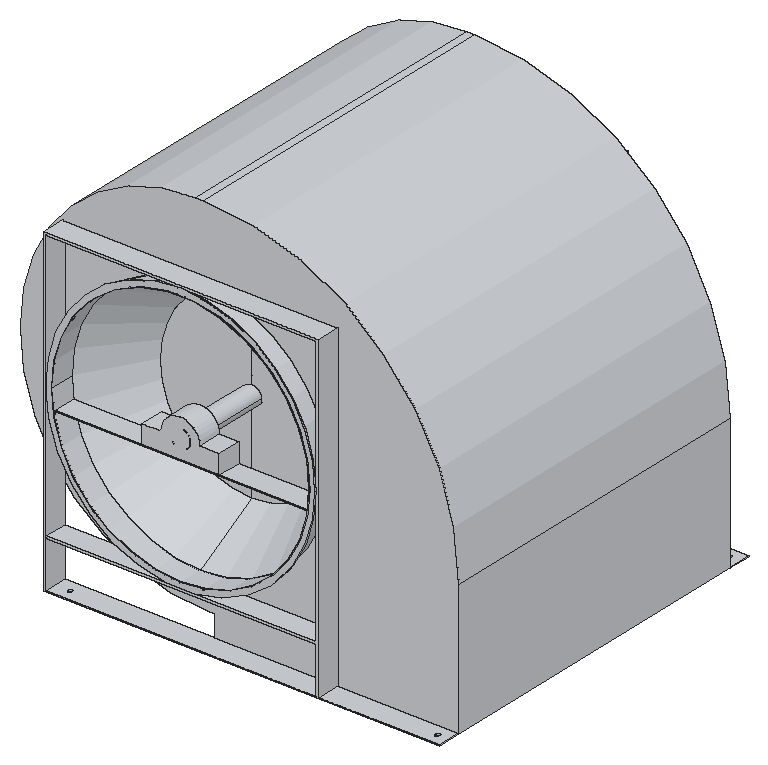
Revit family "CAF_DWDI_CCW_DBD", category Mechanical Equipment, Revit 2019
Family settings
  Round Connector Dimension = Use Radius
  Part Type = Normal
  Work Plane-Based = No
  Always vertical = Yes
  Cut with Voids When Loaded = No
  Shared = No
  Room Calculation Point = No
Parameters (values of type "600_CAF-DWDI_CCW_DBD_CLASS_3")
  V+(D-(A+.25"))/2 = 5"
  V = 2 15/16"
  Unit Weight [instance] = ""
  U-N = U - N  # 1/8"
  U = 16"
  T/2 = T / 2  # 46 9/16"
  T = 93 1/8"
  Sones [instance] = ""
  S/2 = S / 2  # 46 31/32"
  S = 93 15/16"
  OLD_R/2 = OLD_R / 2  # 35"
  OLD_R = 70"
  PLAY = 2"
  P = 118 5/8"
  N = 15 7/8"
  Motor RPM [instance] = ""
  Motor Enclosure [instance] = ""
  ModelID [instance] = ""
  M = 98 5/8"
  LwA [instance] = ""
  L = 49 5/16"
  K/2 = K / 2  # 19/32"
  K = 1 3/16"
  INLET/4 = INLET / 4  # 16 1/2"
  INLET/2 = INLET / 2  # 33"
  INLET = 66"
  H-J = 47 1/8"
  G-(R/2) = OLD_G - (OLD_R / 2)  # 12 1/8"
  G-(INLET/2)-1.625" = OLD_G - (INLET / 2) - 1 1/2"  # 12 5/8"
  G+(INLET/2)+1.625" = OLD_G + (INLET / 2) + 1 1/2"  # 81 5/8"
  OLD_G = DB_E  # 47 1/8"
  Fan RPM [instance] = ""
  E/2 = 45 9/32"
  DB_R = 2 3/4"
  DB_J = 101 11/16"
  DB_H = 2 11/16"
  DB_G = 45 15/16"
  DB_F = 112 1/8"
  DB_E = 47 1/8"
  DB_D = 99 5/16"
  D/2 = 33 9/32"
  C/2 = C / 2  # 2 15/32"
  C+C = C + C  # 9 7/8"
  C = 4 15/16"
  BOTTOM = 26 3/32"
  B/2 = B / 2  # 43 1/8"
  B+.25" = B + 1/4"  # 86 1/2"
  B = 86 1/4"
  Accessories [instance] = ""
  A/2 = A / 2  # 31 3/32"
  A+.25" = A + 1/4"  # 62 7/16"
  A = 62 3/16"
  60 = 60.00°  # constant formula
  3" = 3"  # constant formula
  Brake Hp [instance] = ""
  D/7 = 5 35/64"
  2' = 24"
  2" = 2"  # constant formula
  1" = 1"  # constant formula
  0 = 0"  # constant formula
  Voltage [instance] = 0 V
  URL = "www.lorencook.com"
  Type Comments = "Centrifugal Airfoil Blower Counter-Clockwise Down Blast Arrangement 3 Low Profile Class 3"
  Static Pressure [instance] = 0.00 in-wg
  Power [instance] = Voltage * Motor FLA * sqrt(if(Phase = 3, 3, 1))  # 0 VA
  Phase [instance] = 0
  Number of Poles [instance] = 1
  Motor Hp [instance] = "0"
  Motor FLA [instance] = 0 A
  Model = "CAF-DWDI"  # constant formula
  Manufacturer = "Loren Cook Company"
  CFM [instance] = 0 CFM
  1.5 = 1 1/2"  # constant formula
  ONE EIGTH = 1/8"  # constant formula
  -P = -P  # -118 5/8"
  -(B+.25")/2 = -(B + 1/4") / 2  # -43 1/4"
  (M-(B+.25")/2 = (M - (B + 1/4")) / 2  # 6 1/16"
  (INLET/2)-.125" = (INLET / 2) - 1/8"  # 32 7/8"
  (INLET/2)+1.625" = (INLET / 2) + 1 1/2"  # 34 1/2"
  (INLET/2)+1.5" = (INLET / 2) + 1 7/16"  # 34 7/16"
  (D-(A+.25"))/2 = 2 1/16"
  (B+.25")/2 = (B + 1/4") / 2  # 43 1/4"
  (A+.25")/2 = (A + 1/4") / 2  # 31 7/32"
  ((M+U+U+N+N)-((B+.25")/2))/2 = ((M + U + U - N - N) - ((B + 1/4"))) / 2  # 6 3/16"
Reference planes (in)
  plane 1 "Center (Front/Back)": y = 0
  plane 2: z = 0
  plane 3 "Center (Left/Right)": x = 0.40541
Forms (in)
  Extrusion 1, solid
    sketch origin (0, 0, 0) x (1, 0, 0) y (0, 0, 1)
      loop
        line (-45.53209, 5.54687) -> (4.15541, 5.54687) -> (4.15541, 0) -> (66.59291, 0) -> (66.59291, 99.3125) -> (-45.53209, 99.3125) -> (-45.53209, 5.54687)
    from -43.25 <- "-(B+.25")/2" to 43.25 <- "(B+.25")/2"
  Revolve 2, void
    sketch origin (0.40541, 0, 0) x (0, 1, 0) y (0, 0, 1)
      loop
        line (43.25, 47.125) -> (26.75, 47.125) -> (26.75, 23.65128) -> (43.25, 14.125) -> (43.25, 47.125)
      loop
        line (-26.75, 47.125) -> (-43.25, 47.125) -> (-43.25, 14.125) -> (-26.75, 23.65128) -> (-26.75, 47.125)
      axis (43.25, 47.125) -> (-43.25, 47.125)
    angle from 0 to 360
  Extrusion 3, solid
    sketch origin (0, -43.25, 0) x (1, 0, 0) y (0, 0, 1)
      loop
        circle (0.40541, 47.125) r 32.875
      loop
        circle (0.40541, 47.125) r 33
    from 0 <- "0" to 6.1875 <- "((M+U+U+N+N)-((B+.25")/2))/2"
  Extrusion 4, solid
    sketch origin (0, 43.25, 0) x (-1, 0, 0) y (0, 0, 1)
      loop
        circle (-0.40541, 47.125) r 32.875
      loop
        circle (-0.40541, 47.125) r 33
    from 0 to 6.1875 <- "((M+U+U+N+N)-((B+.25")/2))/2"
  Extrusion 5, solid
    sketch origin (0, 43.25, 0) x (-1, 0, 0) y (0, 0, 1)
      loop
        line (-66.59291, 0) -> (34.59459, 0) -> (34.59459, 82.125) -> (-35.68666, 82.125) -> (-35.68666, 0.125) -> (-66.59291, 0.125) -> (-66.59291, 0)
      loop
        line (34.09459, 81.625) -> (-34.90541, 81.625) -> (-34.90541, 12.625) -> (34.09459, 12.625) -> (34.09459, 81.625)
      loop
        line (-34.90541, 12.125) -> (-34.90541, 0.125) -> (34.09459, 0.125) -> (34.09459, 12.125) -> (-34.90541, 12.125)
    from 0 to 6.0625 <- "(M-(B+.25")/2"
  Extrusion 6, solid
    sketch origin (0, -43.25, 0) x (1, 0, 0) y (0, 0, 1)
      loop
        line (-34.59459, 82.125) -> (-34.59459, 0) -> (66.59291, 0) -> (66.59291, 0.125) -> (35.68666, 0.125) -> (35.68666, 82.125) -> (-34.59459, 82.125)
      loop
        line (34.90541, 0.125) -> (34.90541, 12.125) -> (-34.09459, 12.125) -> (-34.09459, 0.125) -> (34.90541, 0.125)
      loop
        line (-34.09459, 12.625) -> (34.90541, 12.625) -> (34.90541, 81.625) -> (-34.09459, 81.625) -> (-34.09459, 12.625)
    from 0 to 6.0625 <- "(M-(B+.25")/2"
  Extrusion 7, solid
    sketch origin (0, -43.25, 0) x (1, 0, 0) y (0, 0, 1)
      loop
        arc (-32.09669, 42.1875) -> (-32.08713, 42.12499) -> (-32.07746, 42.0625) r 32.875
        line (-32.07746, 42.0625) -> (32.88828, 42.0625)
        arc (32.88828, 42.0625) -> (32.89796, 42.12499) -> (32.90752, 42.1875) r 32.875
        line (32.90752, 42.1875) -> (-32.09669, 42.1875)
    from 0 to 6.1875 <- "((M+U+U+N+N)-((B+.25")/2))/2"
  Extrusion 8, solid
    sketch origin (0, 43.25, 0) x (-1, 0, 0) y (0, 0, 1)
      loop
        arc (-32.90752, 42.1875) -> (-32.89796, 42.12499) -> (-32.88828, 42.0625) r 32.875
        line (-32.88828, 42.0625) -> (32.07746, 42.0625)
        arc (32.07746, 42.0625) -> (32.08713, 42.12499) -> (32.09669, 42.1875) r 32.875
        line (32.09669, 42.1875) -> (-32.90752, 42.1875)
    from 0 to 6.1875 <- "((M+U+U+N+N)-((B+.25")/2))/2"
  Extrusion 9, solid
    sketch origin (0, -43.25, 0) x (1, 0, 0) y (0, 0, 1)
      loop
        arc (5.34291, 47.125) -> (0.40541, 52.0625) -> (-4.53209, 47.125) r 4.9375
        line (-4.53209, 47.125) -> (-9.46959, 47.125) -> (-9.46959, 42.1875) -> (10.28041, 42.1875) -> (10.28041, 47.125) -> (5.34291, 47.125)
    from 0 to 6.1875 <- "((M+U+U+N+N)-((B+.25")/2))/2"
  Extrusion 10, solid
    sketch origin (0, 43.25, 0) x (-1, 0, 0) y (0, 0, 1)
      loop
        arc (4.53209, 47.125) -> (-0.40541, 52.0625) -> (-5.34291, 47.125) r 4.9375
        line (-5.34291, 47.125) -> (-10.28041, 47.125) -> (-10.28041, 42.1875) -> (9.46959, 42.1875) -> (9.46959, 47.125) -> (4.53209, 47.125)
    from 0 to 6.1875 <- "((M+U+U+N+N)-((B+.25")/2))/2"
  Extrusion 11, solid
    sketch origin (0, -49.4375, 0) x (1, 0, 0) y (0, 0, 1)
      loop
        circle (0.40541, 47.125) r 2.46875
    from 0 to -118.625 <- "-P"
  Extrusion 12, solid
    sketch origin (0, 49.4375, 0) x (-1, 0, 0) y (0, 0, 1)
      loop
        circle (-0.40541, 47.125) r 33
      loop
        circle (-0.40541, 47.125) r 34.4375
    from 0 to -0.125
  Extrusion 13, solid
    sketch origin (0, -49.4375, 0) x (1, 0, 0) y (0, 0, 1)
      loop
        circle (0.40541, 47.125) r 33
      loop
        circle (0.40541, 47.125) r 34.4375
    from 0 to -0.125
  Extrusion 14, void
    sketch origin (0, 0, 0) x (1, 0, 0) y (0, 1, 0)
      loop
        circle (63.84291, 46.5625) r 0.59375
      loop
        circle (-30.09459, 46.5625) r 0.59375
      loop
        circle (-30.09459, -46.5625) r 0.59375
      loop
        circle (63.84291, -46.5625) r 0.59375
    from 0 to 0.125
  Extrusion 15, void
    sketch origin (0, 0, 0) x (1, 0, 0) y (0, 0, 1)
      loop
        line (66.59291, 47.125) -> (69.59291, 47.125) -> (69.59291, 102.3125) -> (-48.53209, 102.3125) -> (-48.53209, 2.54687) -> (4.15541, 2.54687) -> (4.15541, 5.54688) -> (2.29604, 5.54688)
        arc (2.29604, 5.54688) -> (-31.52355, 19.55541) -> (-45.53209, 53.375) r 47.82812
        line (-45.53209, 53.375) -> (-45.53209, 54.375)
        arc (-45.53209, 54.375) -> (-32.3702, 86.15061) -> (-0.59459, 99.3125) r 44.9375
        line (-0.59459, 99.3125) -> (1.40541, 99.3125)
        arc (1.40541, 99.3125) -> (47.49994, 80.21952) -> (66.59291, 34.125) r 65.1875
        line (66.59291, 34.125) -> (66.59291, 47.125)
    from -43.25 <- "-(B+.25")/2" to 43.25 <- "(B+.25")/2"
Cuts and joins
  Revolve 2, Extrusion 15 cuts Extrusion 1
  Extrusion 14, Extrusion 15 cuts Extrusion 5
  Extrusion 14, Extrusion 15 cuts Extrusion 6
  Extrusion 15 cuts Extrusion 3
  Extrusion 15 cuts Extrusion 4
  Extrusion 15 cuts Extrusion 7
  Extrusion 15 cuts Extrusion 8
  Extrusion 15 cuts Extrusion 9
  Extrusion 15 cuts Extrusion 10
  Extrusion 15 cuts Extrusion 11
Dimensions and locks (in)
  "0": Revolve 2 sketch curve to cut or joined group of Extrusion 1, Revolve 2, Extrusion 15  (x2)
  "INLET/4": cut or joined group of Extrusion 1, Revolve 2, Extrusion 15 to Revolve 2 sketch curve
  "OLD_G": level to Revolve 2 sketch curve  (x2)
  "INLET/2": Revolve 2 sketch curve to Revolve 2 sketch curve  (x2)
  "OLD_G": Revolve 2 sketch curve to level
  "INLET/4": Revolve 2 sketch curve to Revolve 2 sketch curve
  "0": Extrusion 3 sketch curve to plane 3 "Center (Left/Right)"  (x2)
  "OLD_G": Extrusion 3 sketch curve to level  (x2)
  "OLD_G": level to Extrusion 4 sketch curve  (x2)
  "0": Extrusion 4 sketch curve to plane 3 "Center (Left/Right)"  (x2)
  "OLD_R/2": plane 3 "Center (Left/Right)" to Extrusion 5 sketch curve
  "OLD_R": Extrusion 5 sketch curve to Extrusion 5 sketch curve
  "G-(R/2)": level to Extrusion 5 sketch curve
  "ONE EIGTH": Extrusion 5 sketch curve to Extrusion 5 sketch curve
  "0": Extrusion 6 sketch curve to Extrusion 5  (x3)
  "0": Extrusion 5 to Extrusion 6 sketch curve  (x3)
  "0": Extrusion 7 sketch curve to plane 3 "Center (Left/Right)"  (x2)
  "OLD_G": Extrusion 7 sketch curve to level  (x2)
  "C": Extrusion 7 sketch curve to Extrusion 7 sketch curve
  "ONE EIGTH": Extrusion 7 sketch curve to Extrusion 7 sketch curve
  "0": Extrusion 8 sketch curve to plane 3 "Center (Left/Right)"  (x2)
  "OLD_G": level to Extrusion 8 sketch curve  (x2)
  "C": Extrusion 8 sketch curve to Extrusion 8 sketch curve
  "ONE EIGTH": Extrusion 8 sketch curve to Extrusion 8 sketch curve
  "0": Extrusion 9 sketch curve to Extrusion 7
  "OLD_G": Extrusion 9 sketch curve to level
  "0": Extrusion 9 sketch curve to Extrusion 9 sketch curve  (x2)
  "C+C": Extrusion 9 sketch curve to plane 3 "Center (Left/Right)"  (x2)
  "0": Extrusion 8 to Extrusion 10 sketch curve
  "0": Extrusion 10 sketch curve to Extrusion 10 sketch curve  (x2)
  "0": Extrusion 10 sketch curve to plane 3 "Center (Left/Right)"
  "OLD_G": level to Extrusion 10 sketch curve
  "C+C": Extrusion 10 sketch curve to plane 3 "Center (Left/Right)"
  "C+C": plane 3 "Center (Left/Right)" to Extrusion 10 sketch curve
  "0": Extrusion 11 sketch curve to plane 3 "Center (Left/Right)"
  "OLD_G": level to Extrusion 11 sketch curve
  "0": plane 3 "Center (Left/Right)" to Extrusion 9 sketch curve
  "(INLET/2)+1.625"": plane 3 "Center (Left/Right)" to Extrusion 6 sketch curve  (x2)
  "(INLET/2)+1.625"": Extrusion 6 sketch curve to plane 3 "Center (Left/Right)"  (x2)
  "G+(INLET/2)+1.625"": Extrusion 6 sketch curve to level
  "G-(INLET/2)-1.625"": Extrusion 6 sketch curve to level
  "(INLET/2)+1.625"": Extrusion 5 sketch curve to plane 3 "Center (Left/Right)"  (x2)
  "(INLET/2)+1.625"": plane 3 "Center (Left/Right)" to Extrusion 5 sketch curve  (x2)
  "G-(INLET/2)-1.625"": level to Extrusion 5 sketch curve
  "G+(INLET/2)+1.625"": level to Extrusion 5 sketch curve
  "0": Extrusion 12 sketch curve to plane 3 "Center (Left/Right)"  (x2)
  "OLD_G": level to Extrusion 12 sketch curve  (x2)
  "0": Extrusion 13 sketch curve to plane 3 "Center (Left/Right)"  (x2)
  "OLD_G": Extrusion 13 sketch curve to level  (x2)
  "0": Extrusion 1 sketch curve to level
  "T/2": plane 1 "Center (Front/Back)" to Extrusion 14 sketch curve  (x4)
  "DB_D": Extrusion 1 sketch curve to level
  "DB_F": Extrusion 1 sketch curve to Extrusion 1 sketch curve
  "DB_G": plane 3 "Center (Left/Right)" to Extrusion 1 sketch curve
  "D/7": Extrusion 1 sketch curve to level
  "A+.25"": Extrusion 1 sketch curve to Extrusion 1 sketch curve
  "S": Extrusion 14 sketch curve to Extrusion 14 sketch curve  (x2)
  "DB_R": Extrusion 14 sketch curve to cut or joined group of Extrusion 1, Revolve 2, Extrusion 15  (x2)
  "0": Extrusion 6 sketch curve to cut or joined group of Extrusion 1, Revolve 2, Extrusion 15
  "ONE EIGTH": Extrusion 6 sketch curve to Extrusion 6 sketch curve
  "0": cut or joined group of Extrusion 1, Revolve 2, Extrusion 15 to Extrusion 5 sketch curve
  "ONE EIGTH": level to Extrusion 5 sketch curve
  "OLD_G": Extrusion 15 sketch curve to level
  "3"": Extrusion 15 sketch curve to cut or joined group of Extrusion 1, Revolve 2, Extrusion 15  (x3)
  "3"": cut or joined group of Extrusion 1, Revolve 2, Extrusion 15 to Extrusion 15 sketch curve
  "0": Extrusion 15 sketch curve to cut or joined group of Extrusion 1, Revolve 2, Extrusion 15  (x5)
  Extrusion 15 sketch curve to Extrusion 15 sketch curve = 0"
  Extrusion 15 sketch curve to plane 3 "Center (Left/Right)" = 1"
  plane 3 "Center (Left/Right)" to Extrusion 15 sketch curve = 1"
  "1"": Extrusion 15 sketch curve to plane 3 "Center (Left/Right)"
  "1"": plane 3 "Center (Left/Right)" to Extrusion 15 sketch curve
  "1"": Extrusion 15 sketch curve to Extrusion 15 sketch curve
  "INLET/2": radius of Extrusion 3 sketch curve
  "(INLET/2)-.125"": radius of Extrusion 3 sketch curve
  "INLET/2": radius of Extrusion 4 sketch curve
  "(INLET/2)-.125"": radius of Extrusion 4 sketch curve
  "(INLET/2)-.125"": radius of Extrusion 7 sketch curve  (x2)
  "(INLET/2)-.125"": radius of Extrusion 8 sketch curve  (x2)
  "C": radius of Extrusion 9 sketch curve
  "C": radius of Extrusion 10 sketch curve
  "C/2": radius of Extrusion 11 sketch curve
  "(INLET/2)+1.5"": radius of Extrusion 12 sketch curve
  "INLET/2": radius of Extrusion 12 sketch curve
  "(INLET/2)+1.5"": radius of Extrusion 13 sketch curve
  "INLET/2": radius of Extrusion 13 sketch curve
  "K/2": radius of Extrusion 14 sketch curve  (x4)
  "60": angle Revolve 2 sketch curve to cut or joined group of Extrusion 1, Revolve 2, Extrusion 15
  "60": angle cut or joined group of Extrusion 1, Revolve 2, Extrusion 15 to Revolve 2 sketch curve
Automatic sketch dimensions
  Revolve 2 sketch curve to Revolve 2 sketch curve = 0"  (x2)
  Extrusion 5 sketch curve to Extrusion 1 = 0"
  Extrusion 5 sketch curve to Extrusion 5 sketch curve = 25/32"
Connectors (in)
  hvac at (0.40541, -49.3125, 47.125), driven by "INLET/2"
    settings: on Extrusion 13, index 2, duct flow 0 CFM, flow factor 0, pres drop 0.00 in-wg, loss coef 0, conn angle 0.00°, conn width 12", conn height 12", conn diameter 66", duct sys type 29, conn prof type 0, flow config 0, flow direction 1, loss method 0, conn ref index -1, conn util no, is conn primary no, conn desc ""
  hvac at (0.40541, 49.4375, 47.125), driven by "INLET/2"
    settings: on Extrusion 4, index 3, duct flow 0 CFM, flow factor 0, pres drop 0.00 in-wg, loss coef 0, conn angle 0.00°, conn width 12", conn height 12", conn diameter 66", duct sys type 29, conn prof type 0, flow config 0, flow direction 1, loss method 0, conn ref index -1, conn util no, is conn primary no, conn desc ""
  hvac at (35.37416, 0, 0), driven by "A+.25"", driven by "B", driven by "CFM"
    settings: on cut or joined group of Extrusion 1, Revolve 2, Extrusion 15, index 5, duct flow 0 CFM, flow factor 0, pres drop 0.00 in-wg, loss coef 0, conn angle 0.00°, conn width 86 1/4", conn height 62 7/16", conn diameter 24", duct sys type 29, conn prof type 1, flow config 0, flow direction 2, loss method 0, conn ref index -1, conn util no, is conn primary yes, conn desc ""
Types (59): name | V+(D-(A+.25"))/2 | V | U-N | U | T/2 | T | S/2 | S | OLD_R/2 | OLD_R | P | N | M | L | K/2 | K | INLET/4 | INLET/2 | INLET | H-J | G-(R/2) | G-(INLET/2)-1.625" | G+(INLET/2)+1.625" | OLD_G | E/2 | DB_R | DB_J | DB_H | DB_G | DB_F | DB_E | DB_D | D/2 | C/2 | C+C | C | BOTTOM | B/2 | B+.25" | B | A/2 | A+.25" | A | D/7 | Type Comments | -P | -(B+.25")/2 | (M-(B+.25")/2 | (INLET/2)-.125" | (INLET/2)+1.625" | (INLET/2)+1.5" | (D-(A+.25"))/2 | (B+.25")/2 | (A+.25")/2 | ((M+U+U+N+N)-((B+.25")/2))/2
  (no name) | 5" | 2 15/16" | 1/8" | 16" | 46 9/16" | 93 1/8" | 46 31/32" | 93 15/16" | 35" | 70" | 118 5/8" | 15 7/8" | 98 5/8" | 49 5/16" | 19/32" | 1 3/16" | 16 1/2" | 33" | 66" | 47 1/8" | 12 1/8" | 12 5/8" | 81 5/8" | 47 1/8" | 45 9/32" | 2 3/4" | 101 11/16" | 2 11/16" | 45 15/16" | 112 1/8" | 47 1/8" | 99 5/16" | 33 9/32" | 2 15/32" | 9 7/8" | 4 15/16" | 26 3/32" | 43 1/8" | 86 1/2" | 86 1/4" | 31 3/32" | 62 7/16" | 62 3/16" | 5 35/64" | "Centrifugal Airfoil Blower Counter-Clockwise Down Blast Arrangement 3 Low Profile Class 3" | -118 5/8" | -43 1/4" | 6 1/16" | 32 7/8" | 34 1/2" | 34 7/16" | 2 1/16" | 43 1/4" | 31 7/32" | 6 3/16"
  120_CAF-DWDI_CCW_DBD_CLASS_1 | 1 15/16" | 1" | 1 9/16" | 4 5/16" | 9 3/4" | 19 1/2" | 10 1/4" | 20 1/2" | 9 5/8" | 19 1/4" | 26 11/16" | 2 3/4" | 20 13/16" | 10 7/16" | 9/32" | 9/16" | 4 1/32" | 8 1/16" | 16 1/8" | 9 5/8" | 3/16" | 1/4" | 19 3/8" | 9 13/16" | 9 29/32" | 11/16" | 23 3/8" | 1 1/16" | 9 5/8" | 23 3/8" | 9 13/16" | 20 1/16" | 7 1/8" | 23/32" | 2 7/8" | 1 7/16" | 5 7/32" | 8 27/32" | 17 15/16" | 17 11/16" | 6 1/16" | 12 3/8" | 12 1/8" | 1 3/16" | "Centrifugal Airfoil Blower Counter-Clockwise Down Blast Arrangement 3 Low Profile Class 1" | -26 11/16" | -8 31/32" | 1 7/16" | 7 15/16" | 9 9/16" | 9 1/2" | 15/16" | 8 31/32" | 6 3/16" | 3"
  135_CAF-DWDI_CCW_DBD_CLASS_1 | 1 15/16" | 1" | 1 9/16" | 4 5/16" | 10 7/8" | 21 3/4" | 11 1/2" | 23" | 10 1/2" | 21" | 28 15/16" | 2 3/4" | 23 1/16" | 11 9/16" | 9/32" | 9/16" | 4 13/32" | 8 13/16" | 17 5/8" | 10 13/16" | 5/16" | 1/2" | 21 1/8" | 10 13/16" | 11 1/32" | 11/16" | 25 7/8" | 1 1/16" | 10 1/2" | 25 7/8" | 10 13/16" | 22 9/16" | 7 7/8" | 23/32" | 2 7/8" | 1 7/16" | 5 7/8" | 9 31/32" | 20 3/16" | 19 15/16" | 6 13/16" | 13 7/8" | 13 5/8" | 1 5/16" | "Centrifugal Airfoil Blower Counter-Clockwise Down Blast Arrangement 3 Low Profile Class 1" | -28 15/16" | -10 3/32" | 1 7/16" | 8 11/16" | 10 5/16" | 10 1/4" | 15/16" | 10 3/32" | 6 15/16" | 3"
  150_CAF-DWDI_CCW_DBD_CLASS_1 | 1 15/16" | 1" | 1 1/16" | 4 7/16" | 12 3/16" | 24 3/8" | 12 15/32" | 24 15/16" | 11 1/4" | 22 1/2" | 31 5/8" | 3 3/8" | 26 1/8" | 13 1/16" | 9/32" | 9/16" | 4 25/32" | 9 9/16" | 19 1/8" | 12" | 3/4" | 15/16" | 23 1/16" | 12" | 12 1/16" | 7/8" | 28 3/16" | 1 1/16" | 11 1/2" | 28 7/16" | 12" | 25 1/16" | 8 11/16" | 23/32" | 2 7/8" | 1 7/16" | 6 17/32" | 11" | 22 1/4" | 22" | 7 5/8" | 15 1/2" | 15 1/4" | 1 115/256" | "Centrifugal Airfoil Blower Counter-Clockwise Down Blast Arrangement 3 Low Profile Class 1" | -31 5/8" | -11 1/8" | 1 15/16" | 9 7/16" | 11 1/16" | 11" | 15/16" | 11 1/8" | 7 3/4" | 3"
  165_CAF-DWDI_CCW_DBD_CLASS_1 | 1 15/16" | 1" | 1 1/16" | 4 7/16" | 13 3/16" | 26 3/8" | 13 11/16" | 27 3/8" | 12 1/8" | 24 1/4" | 33 11/16" | 3 3/8" | 28 1/8" | 14 1/16" | 15/32" | 15/16" | 5 19/64" | 10 19/32" | 21 3/16" | 13 1/8" | 1" | 1 1/32" | 25 7/32" | 13 1/8" | 13 1/16" | 7/8" | 30 5/8" | 1 1/16" | 12 11/16" | 31 3/16" | 13 1/8" | 27 1/2" | 9 17/32" | 27/32" | 3 3/8" | 1 11/16" | 7 3/16" | 12" | 24 1/4" | 24" | 8 15/32" | 17 3/16" | 16 15/16" | 1 151/256" | "Centrifugal Airfoil Blower Counter-Clockwise Down Blast Arrangement 3 Low Profile Class 1" | -33 11/16" | -12 1/8" | 1 15/16" | 10 15/32" | 12 3/32" | 12 1/32" | 15/16" | 12 1/8" | 8 19/32" | 3"
  180_CAF-DWDI_CCW_DBD_CLASS_1 | 1 15/16" | 1" | 1 1/16" | 4 13/16" | 14 7/32" | 28 7/16" | 14 7/8" | 29 3/4" | 13 3/8" | 26 3/4" | 36 1/8" | 3 3/4" | 30 3/16" | 15 1/8" | 15/32" | 15/16" | 5 43/64" | 11 11/32" | 22 11/16" | 14 5/16" | 15/16" | 1 15/32" | 27 5/32" | 14 5/16" | 14 3/32" | 7/8" | 33 1/2" | 1 1/16" | 13 13/16" | 33 15/16" | 14 5/16" | 30" | 10 5/16" | 27/32" | 3 3/8" | 1 11/16" | 7 27/32" | 13 1/32" | 26 5/16" | 26 1/16" | 9 1/4" | 18 3/4" | 18 1/2" | 1 23/32" | "Centrifugal Airfoil Blower Counter-Clockwise Down Blast Arrangement 3 Low Profile Class 1" | -36 1/8" | -13 5/32" | 1 15/16" | 11 7/32" | 12 27/32" | 12 25/32" | 15/16" | 13 5/32" | 9 3/8" | 3"
  195_CAF-DWDI_CCW_DBD_CLASS_1 | 1 31/32" | 1" | 1 1/16" | 4 13/16" | 15 13/32" | 30 13/16" | 16 3/32" | 32 3/16" | 14 1/4" | 28 1/2" | 38 1/2" | 3 3/4" | 32 9/16" | 16 5/16" | 15/32" | 15/16" | 6 3/64" | 12 3/32" | 24 3/16" | 15 1/2" | 1 1/4" | 1 29/32" | 29 3/32" | 15 1/2" | 15 5/16" | 7/8" | 35 15/16" | 1 1/16" | 14 15/16" | 36 5/8" | 15 1/2" | 32 7/16" | 10 27/32" | 27/32" | 3 3/8" | 1 11/16" | 8 15/32" | 14 7/32" | 28 11/16" | 28 7/16" | 9 3/4" | 19 3/4" | 19 1/2" | 1 207/256" | "Centrifugal Airfoil Blower Counter-Clockwise Down Blast Arrangement 3 Low Profile Class 1" | -38 1/2" | -14 11/32" | 1 15/16" | 11 31/32" | 13 19/32" | 13 17/32" | 31/32" | 14 11/32" | 9 7/8" | 3"
  210_CAF-DWDI_CCW_DBD_CLASS_1 | 1 31/32" | 1" | 2 1/16" | 5 13/16" | 16 3/8" | 32 3/4" | 17 9/32" | 34 9/16" | 15" | 30" | 41 7/16" | 3 3/4" | 34 1/2" | 17 1/4" | 15/32" | 15/16" | 6 31/64" | 12 31/32" | 25 15/16" | 16 11/16" | 1 11/16" | 2 7/32" | 31 5/32" | 16 11/16" | 16 9/32" | 7/8" | 38 5/16" | 1 1/16" | 16 1/8" | 39 3/8" | 16 11/16" | 34 15/16" | 11 29/32" | 27/32" | 3 3/8" | 1 11/16" | 9 1/8" | 15 3/16" | 30 5/8" | 30 3/8" | 10 13/16" | 21 7/8" | 21 5/8" | 1 63/64" | "Centrifugal Airfoil Blower Counter-Clockwise Down Blast Arrangement 3 Low Profile Class 1" | -41 7/16" | -15 5/16" | 1 15/16" | 12 27/32" | 14 15/32" | 14 13/32" | 31/32" | 15 5/16" | 10 15/16" | 4"
  225_CAF-DWDI_CCW_DBD_CLASS_1 | 2 15/32" | 1" | 2 1/16" | 6 5/16" | 17 7/16" | 34 7/8" | 18 3/4" | 37 1/2" | 15 7/8" | 31 3/4" | 44 1/16" | 4 1/4" | 36 5/8" | 18 5/16" | 15/32" | 15/16" | 6 55/64" | 13 23/32" | 27 7/16" | 17 13/16" | 1 15/16" | 2 19/32" | 33 1/32" | 17 13/16" | 17 27/32" | 7/8" | 41 1/4" | 1 9/16" | 17 1/4" | 42 5/8" | 17 13/16" | 37 3/8" | 13 3/16" | 31/32" | 3 7/8" | 1 15/16" | 9 25/32" | 16 1/4" | 32 3/4" | 32 1/2" | 11 19/32" | 23 7/16" | 23 3/16" | 2 51/256" | "Centrifugal Airfoil Blower Counter-Clockwise Down Blast Arrangement 3 Low Profile Class 1" | -44 1/16" | -16 3/8" | 1 15/16" | 13 19/32" | 15 7/32" | 15 5/32" | 1 15/32" | 16 3/8" | 11 23/32" | 4"
  245_CAF-DWDI_CCW_DBD_CLASS_1 | 2 15/32" | 1" | 2 1/16" | 6 5/16" | 18 23/32" | 37 7/16" | 20 5/16" | 40 5/8" | 16 7/8" | 33 3/4" | 46 5/8" | 4 1/4" | 39 3/16" | 19 5/8" | 15/32" | 15/16" | 7 23/64" | 14 23/32" | 29 7/16" | 19 3/8" | 2 1/2" | 3 5/32" | 35 19/32" | 19 3/8" | 19 1/8" | 7/8" | 44 3/8" | 1 9/16" | 18 3/4" | 46 1/4" | 19 3/8" | 40 11/16" | 14 11/32" | 31/32" | 3 7/8" | 1 15/16" | 10 21/32" | 17 17/32" | 35 5/16" | 35 1/16" | 12 3/4" | 25 3/4" | 25 1/2" | 2 25/64" | "Centrifugal Airfoil Blower Counter-Clockwise Down Blast Arrangement 3 Low Profile Class 1" | -46 5/8" | -17 21/32" | 1 15/16" | 14 19/32" | 16 7/32" | 16 5/32" | 1 15/32" | 17 21/32" | 12 7/8" | 4"
  270_CAF-DWDI_CCW_DBD_CLASS_1 | 2 15/32" | 1" | 2 1/16" | 6 5/16" | 21 5/32" | 42 5/16" | 22 1/16" | 44 1/8" | 18 3/4" | 37 1/2" | 51 1/2" | 4 1/4" | 44 9/16" | 22 5/16" | 15/32" | 15/16" | 7 63/64" | 15 31/32" | 31 15/16" | 21 5/16" | 2 9/16" | 3 27/32" | 38 25/32" | 21 5/16" | 21 5/16" | 1 1/8" | 48 7/8" | 1 9/16" | 20 11/16" | 50 13/16" | 21 5/16" | 44 13/16" | 15 11/32" | 1 3/32" | 4 3/8" | 2 3/16" | 11 3/4" | 19 23/32" | 39 11/16" | 39 7/16" | 13 3/4" | 27 3/4" | 27 1/2" | 2 143/256" | "Centrifugal Airfoil Blower Counter-Clockwise Down Blast Arrangement 3 Low Profile Class 1" | -51 1/2" | -19 27/32" | 2 7/16" | 15 27/32" | 17 15/32" | 17 13/32" | 1 15/32" | 19 27/32" | 13 7/8" | 4 1/2"
  300_CAF-DWDI_CCW_DBD_CLASS_1 | 2 15/32" | 1" | 2 1/8" | 6 3/8" | 22 15/16" | 45 7/8" | 24 13/32" | 48 13/16" | 20 1/4" | 40 1/2" | 55 1/8" | 4 1/4" | 48 1/8" | 24 1/16" | 15/32" | 15/16" | 8 47/64" | 17 15/32" | 34 15/16" | 23 11/16" | 3 7/16" | 4 23/32" | 42 21/32" | 23 11/16" | 23 3/32" | 1 1/8" | 53 9/16" | 1 9/16" | 22 15/16" | 56 1/4" | 23 11/16" | 49 3/4" | 17 3/16" | 1 3/32" | 4 3/8" | 2 3/16" | 13 1/32" | 21 1/2" | 43 1/4" | 43" | 15 19/32" | 31 7/16" | 31 3/16" | 2 221/256" | "Centrifugal Airfoil Blower Counter-Clockwise Down Blast Arrangement 3 Low Profile Class 1" | -55 1/8" | -21 5/8" | 2 7/16" | 17 11/32" | 18 31/32" | 18 29/32" | 1 15/32" | 21 5/8" | 15 23/32" | 4 9/16"
  330_CAF-DWDI_CCW_DBD_CLASS_1 | 3" | 1" | 1 5/8" | 6" | 25 9/32" | 50 9/16" | 26 7/8" | 53 3/4" | 20 25/32" | 41 9/16" | 59 5/16" | 4 3/8" | 53 3/16" | 26 5/8" | 15/32" | 15/16" | 9 31/64" | 18 31/32" | 37 15/16" | 26" | 5 7/32" | 5 17/32" | 46 15/32" | 26" | 25 21/32" | 1 5/16" | 57 13/16" | 2 1/16" | 25 1/4" | 62 1/4" | 26" | 54 11/16" | 19 3/8" | 1 7/32" | 4 7/8" | 2 7/16" | 14 11/32" | 23 17/32" | 47 5/16" | 47 1/16" | 17 1/4" | 34 3/4" | 34 1/2" | 3 59/256" | "Centrifugal Airfoil Blower Counter-Clockwise Down Blast Arrangement 3 Low Profile Class 1" | -59 5/16" | -23 21/32" | 2 15/16" | 18 27/32" | 20 15/32" | 20 13/32" | 2" | 23 21/32" | 17 3/8" | 4 9/16"
  365_CAF-DWDI_CCW_DBD_CLASS_1 | 3" | 1" | 2 1/8" | 6 7/8" | 27 27/32" | 55 11/16" | 29 21/32" | 59 5/16" | 22 21/32" | 45 5/16" | 65 5/16" | 4 3/4" | 58 5/16" | 29 3/16" | 15/32" | 15/16" | 10 23/64" | 20 23/32" | 41 7/16" | 28 3/4" | 6 3/32" | 6 17/32" | 50 31/32" | 28 3/4" | 28 7/32" | 1 5/16" | 63 3/8" | 2 1/16" | 27 15/16" | 68 5/8" | 28 3/4" | 60 1/2" | 21 15/32" | 1 11/32" | 5 3/8" | 2 11/16" | 15 7/8" | 26 3/32" | 52 7/16" | 52 3/16" | 19 11/32" | 38 15/16" | 38 11/16" | 3 37/64" | "Centrifugal Airfoil Blower Counter-Clockwise Down Blast Arrangement 3 Low Profile Class 1" | -65 5/16" | -26 7/32" | 2 15/16" | 20 19/32" | 22 7/32" | 22 5/32" | 2" | 26 7/32" | 19 15/32" | 5 1/16"
  402_CAF-DWDI_CCW_DBD_CLASS_1 | 3 31/32" | 1 15/16" | 1 1/8" | 6" | 31 7/32" | 62 7/16" | 32 3/16" | 64 3/8" | 24 27/32" | 49 11/16" | 71 15/16" | 4 7/8" | 65 15/16" | 33" | 15/32" | 15/16" | 11 19/64" | 22 19/32" | 45 3/16" | 31 5/8" | 6 27/32" | 7 19/32" | 55 25/32" | 31 11/16" | 31" | 1 3/4" | 69 7/16" | 2 1/16" | 30 3/4" | 75 3/8" | 31 11/16" | 66 9/16" | 23 1/32" | 1 15/32" | 5 7/8" | 2 15/16" | 17 15/32" | 28 29/32" | 58 1/16" | 57 13/16" | 20 7/8" | 42" | 41 3/4" | 3 215/256" | "Centrifugal Airfoil Blower Counter-Clockwise Down Blast Arrangement 3 Low Profile Class 1" | -71 15/16" | -29 1/32" | 3 15/16" | 22 15/32" | 24 3/32" | 24 1/32" | 2 1/32" | 29 1/32" | 21" | 5 1/16"
  445_CAF-DWDI_CCW_DBD_CLASS_1 | 4" | 1 15/16" | 1 1/8" | 6 7/8" | 34 15/32" | 68 15/16" | 35 17/32" | 71 1/16" | 26 31/32" | 53 15/16" | 79 5/16" | 5 3/4" | 72 7/16" | 36 1/4" | 17/32" | 1 1/16" | 12 23/64" | 24 23/32" | 49 7/16" | 35" | 8 1/32" | 8 25/32" | 61 7/32" | 35" | 34 9/32" | 1 3/4" | 76 3/16" | 2 1/8" | 34 1/16" | 83 1/4" | 35" | 73 11/16" | 25 5/32" | 1 15/32" | 5 7/8" | 2 15/16" | 19 11/32" | 32 1/8" | 64 1/2" | 64 1/4" | 22 31/32" | 46 3/16" | 45 15/16" | 4 49/256" | "Centrifugal Airfoil Blower Counter-Clockwise Down Blast Arrangement 3 Low Profile Class 1" | -79 5/16" | -32 1/4" | 3 31/32" | 24 19/32" | 26 7/32" | 26 5/32" | 2 1/16" | 32 1/4" | 23 3/32" | 5 3/32"
  490_CAF-DWDI_CCW_DBD_CLASS_1 | 4" | 1 15/16" | 1 1/8" | 7" | 37 13/32" | 74 13/16" | 39 3/32" | 78 3/16" | 29 11/32" | 58 11/16" | 85 5/16" | 5 7/8" | 78 5/16" | 39 3/16" | 17/32" | 1 1/16" | 13 3/4" | 27 1/2" | 55" | 38 9/16" | 9 7/32" | 9 9/16" | 67 9/16" | 38 9/16" | 37 7/32" | 1 3/4" | 83 5/16" | 2 1/8" | 37 1/2" | 91 7/16" | 38 9/16" | 81 1/8" | 27 11/16" | 1 23/32" | 6 7/8" | 3 7/16" | 21 9/32" | 35 1/16" | 70 3/8" | 70 1/8" | 25 1/2" | 51 1/4" | 51" | 4 157/256" | "Centrifugal Airfoil Blower Counter-Clockwise Down Blast Arrangement 3 Low Profile Class 1" | -85 5/16" | -35 3/16" | 3 31/32" | 27 3/8" | 29" | 28 15/16" | 2 1/16" | 35 3/16" | 25 5/8" | 5 3/32"
  540_CAF-DWDI_CCW_DBD_CLASS_1 | 4" | 1 15/16" | 1 1/8" | 7 3/8" | 41 5/16" | 82 5/8" | 43" | 86" | 31 27/32" | 63 11/16" | 93 1/2" | 6 1/4" | 86 1/8" | 43 1/16" | 17/32" | 1 1/16" | 15" | 30" | 60" | 42 7/16" | 10 19/32" | 10 15/16" | 73 15/16" | 42 7/16" | 41 3/32" | 1 3/4" | 91 1/16" | 2 1/8" | 41 5/16" | 100 9/16" | 42 7/16" | 89 3/8" | 30 1/16" | 1 15/32" | 5 7/8" | 2 15/16" | 23 15/32" | 38 31/32" | 78 3/16" | 77 15/16" | 27 7/8" | 56" | 55 3/4" | 5 3/256" | "Centrifugal Airfoil Blower Counter-Clockwise Down Blast Arrangement 3 Low Profile Class 1" | -93 1/2" | -39 3/32" | 3 31/32" | 29 7/8" | 31 1/2" | 31 7/16" | 2 1/16" | 39 3/32" | 28" | 5 3/32"
  600_CAF-DWDI_CCW_DBD_CLASS_1 | 5" | 2 15/16" | 1/8" | 6 3/8" | 46" | 92" | 47 3/16" | 94 3/8" | 35" | 70" | 102 7/8" | 6 1/4" | 96 1/2" | 48 1/4" | 17/32" | 1 1/16" | 16 1/2" | 33" | 66" | 47 1/8" | 12 1/8" | 12 5/8" | 81 5/8" | 47 1/8" | 45 9/32" | 2 1/4" | 100 5/8" | 2 1/8" | 45 15/16" | 111 9/16" | 47 1/8" | 99 5/16" | 33 9/32" | 1 15/32" | 5 7/8" | 2 15/16" | 26 3/32" | 43 1/8" | 86 1/2" | 86 1/4" | 31 3/32" | 62 7/16" | 62 3/16" | 5 35/64" | "Centrifugal Airfoil Blower Counter-Clockwise Down Blast Arrangement 3 Low Profile Class 1" | -102 7/8" | -43 1/4" | 5" | 32 7/8" | 34 1/2" | 34 7/16" | 2 1/16" | 43 1/4" | 31 7/32" | 5 1/8"
  660_CAF-DWDI_CCW_DBD_CLASS_1 | 6" | 3 15/16" | 5/8" | 10" | 50 13/16" | 101 5/8" | 51 3/8" | 102 3/4" | 38 9/32" | 76 9/16" | 117 1/8" | 9 3/8" | 107 1/8" | 53 9/16" | 17/32" | 1 1/16" | 18" | 36" | 72" | 51 13/16" | 13 17/32" | 14 5/16" | 89 5/16" | 51 13/16" | 49 5/8" | 2 3/4" | 110 1/4" | 2 1/8" | 50 1/2" | 122 1/2" | 51 13/16" | 109 3/16" | 36 13/32" | 1 23/32" | 6 7/8" | 3 7/16" | 28 11/16" | 47 7/16" | 95 1/8" | 94 7/8" | 34 7/32" | 68 11/16" | 68 7/16" | 6 17/256" | "Centrifugal Airfoil Blower Counter-Clockwise Down Blast Arrangement 3 Low Profile Class 1" | -117 1/8" | -47 9/16" | 6" | 35 7/8" | 37 1/2" | 37 7/16" | 2 1/16" | 47 9/16" | 34 11/32" | 6 5/8"
  730_CAF-DWDI_CCW_DBD_CLASS_1 | 6" | 3 7/16" | 5/8" | 10" | 55 3/4" | 111 1/2" | 57 1/16" | 114 1/8" | 41 25/32" | 83 9/16" | 127" | 9 3/8" | 117" | 58 1/2" | 17/32" | 1 1/16" | 19 3/4" | 39 1/2" | 79" | 57 1/4" | 15 17/32" | 16 5/16" | 98 5/16" | 57 5/16" | 55 1/16" | 2 3/4" | 121 11/16" | 2 5/8" | 55 13/16" | 135 3/4" | 57 5/16" | 120 11/16" | 40 19/32" | 1 23/32" | 6 7/8" | 3 7/16" | 31 23/32" | 52 3/8" | 105" | 104 3/4" | 37 29/32" | 76 1/16" | 75 13/16" | 6 49/64" | "Centrifugal Airfoil Blower Counter-Clockwise Down Blast Arrangement 3 Low Profile Class 1" | -127" | -52 1/2" | 6" | 39 3/8" | 41" | 40 15/16" | 2 9/16" | 52 1/2" | 38 1/32" | 6 5/8"
  120_CAF-DWDI_CCW_DBD_CLASS_2 | 1 15/16" | 1" | 1 9/16" | 5 5/16" | 10 1/32" | 20 1/16" | 10 1/16" | 20 1/8" | 9 5/8" | 19 1/4" | 28 3/16" | 3 3/4" | 21 13/16" | 10 15/16" | 15/32" | 15/16" | 4 1/32" | 8 1/16" | 16 1/8" | 9 5/8" | 3/16" | 1/4" | 19 3/8" | 9 13/16" | 9 29/32" | 7/8" | 23 3/8" | 1 1/16" | 9 5/8" | 23 3/8" | 9 13/16" | 20 1/16" | 7 1/8" | 23/32" | 2 7/8" | 1 7/16" | 5 7/32" | 8 27/32" | 17 15/16" | 17 11/16" | 6 1/16" | 12 3/8" | 12 1/8" | 1 3/16" | "Centrifugal Airfoil Blower Counter-Clockwise Down Blast Arrangement 3 Low Profile Class 2" | -28 3/16" | -8 31/32" | 1 15/16" | 7 15/16" | 9 9/16" | 9 1/2" | 15/16" | 8 31/32" | 6 3/16" | 3 1/2"
  135_CAF-DWDI_CCW_DBD_CLASS_2 | 1 15/16" | 1" | 1 9/16" | 5 7/16" | 11 5/32" | 22 5/16" | 11 5/16" | 22 5/8" | 10 1/2" | 21" | 30 9/16" | 3 7/8" | 24 1/16" | 12 1/16" | 15/32" | 15/16" | 4 13/32" | 8 13/16" | 17 5/8" | 10 13/16" | 5/16" | 1/2" | 21 1/8" | 10 13/16" | 11 1/32" | 7/8" | 25 7/8" | 1 1/16" | 10 1/2" | 25 7/8" | 10 13/16" | 22 9/16" | 7 7/8" | 23/32" | 2 7/8" | 1 7/16" | 5 7/8" | 9 31/32" | 20 3/16" | 19 15/16" | 6 13/16" | 13 7/8" | 13 5/8" | 1 5/16" | "Centrifugal Airfoil Blower Counter-Clockwise Down Blast Arrangement 3 Low Profile Class 2" | -30 9/16" | -10 3/32" | 1 15/16" | 8 11/16" | 10 5/16" | 10 1/4" | 15/16" | 10 3/32" | 6 15/16" | 3 1/2"
  150_CAF-DWDI_CCW_DBD_CLASS_2 | 1 15/16" | 1" | 2 1/16" | 5 15/16" | 12 3/16" | 24 3/8" | 12 15/32" | 24 15/16" | 11 1/4" | 22 1/2" | 33 1/8" | 3 7/8" | 26 1/8" | 13 1/16" | 15/32" | 15/16" | 4 25/32" | 9 9/16" | 19 1/8" | 12" | 3/4" | 15/16" | 23 1/16" | 12" | 12 1/16" | 7/8" | 28 11/16" | 1 1/16" | 11 3/4" | 28 11/16" | 12" | 25 1/16" | 8 11/16" | 31/32" | 3 7/8" | 1 15/16" | 6 17/32" | 11" | 22 1/4" | 22" | 7 5/8" | 15 1/2" | 15 1/4" | 1 115/256" | "Centrifugal Airfoil Blower Counter-Clockwise Down Blast Arrangement 3 Low Profile Class 2" | -33 1/8" | -11 1/8" | 1 15/16" | 9 7/16" | 11 1/16" | 11" | 15/16" | 11 1/8" | 7 3/4" | 4"
  165_CAF-DWDI_CCW_DBD_CLASS_2 | 1 15/16" | 1" | 2 1/16" | 5 15/16" | 13 3/16" | 26 3/8" | 13 11/16" | 27 3/8" | 12 1/8" | 24 1/4" | 35 3/16" | 3 7/8" | 28 1/8" | 14 1/16" | 15/32" | 15/16" | 5 19/64" | 10 19/32" | 21 3/16" | 13 1/8" | 1" | 1 1/32" | 25 7/32" | 13 1/8" | 13 1/16" | 7/8" | 31 1/8" | 1 1/16" | 12 11/16" | 31 3/16" | 13 1/8" | 27 1/2" | 9 17/32" | 31/32" | 3 7/8" | 1 15/16" | 7 3/16" | 12" | 24 1/4" | 24" | 8 15/32" | 17 3/16" | 16 15/16" | 1 151/256" | "Centrifugal Airfoil Blower Counter-Clockwise Down Blast Arrangement 3 Low Profile Class 2" | -35 3/16" | -12 1/8" | 1 15/16" | 10 15/32" | 12 3/32" | 12 1/32" | 15/16" | 12 1/8" | 8 19/32" | 4"
  180_CAF-DWDI_CCW_DBD_CLASS_2 | 1 15/16" | 1" | 2 1/16" | 5 15/16" | 14 7/32" | 28 7/16" | 14 7/8" | 29 3/4" | 13 3/8" | 26 3/4" | 37 1/4" | 3 7/8" | 30 3/16" | 15 1/8" | 15/32" | 15/16" | 5 43/64" | 11 11/32" | 22 11/16" | 14 5/16" | 15/16" | 1 15/32" | 27 5/32" | 14 5/16" | 14 3/32" | 7/8" | 33 1/2" | 1 1/16" | 13 13/16" | 33 15/16" | 14 5/16" | 30" | 10 5/16" | 31/32" | 3 7/8" | 1 15/16" | 7 27/32" | 13 1/32" | 26 5/16" | 26 1/16" | 9 1/4" | 18 3/4" | 18 1/2" | 1 23/32" | "Centrifugal Airfoil Blower Counter-Clockwise Down Blast Arrangement 3 Low Profile Class 2" | -37 1/4" | -13 5/32" | 1 15/16" | 11 7/32" | 12 27/32" | 12 25/32" | 15/16" | 13 5/32" | 9 3/8" | 4"
  195_CAF-DWDI_CCW_DBD_CLASS_2 | 1 31/32" | 1" | 3 1/16" | 6 15/16" | 15 13/32" | 30 13/16" | 16 3/32" | 32 3/16" | 14 1/4" | 28 1/2" | 39 5/8" | 3 7/8" | 32 9/16" | 16 5/16" | 15/32" | 15/16" | 6 3/64" | 12 3/32" | 24 3/16" | 15 1/2" | 1 1/4" | 1 29/32" | 29 3/32" | 15 1/2" | 15 5/16" | 7/8" | 35 15/16" | 1 1/16" | 14 15/16" | 36 5/8" | 15 1/2" | 32 7/16" | 10 27/32" | 31/32" | 3 7/8" | 1 15/16" | 8 15/32" | 14 7/32" | 28 11/16" | 28 7/16" | 9 3/4" | 19 3/4" | 19 1/2" | 1 207/256" | "Centrifugal Airfoil Blower Counter-Clockwise Down Blast Arrangement 3 Low Profile Class 2" | -39 5/8" | -14 11/32" | 1 15/16" | 11 31/32" | 13 19/32" | 13 17/32" | 31/32" | 14 11/32" | 9 7/8" | 5"
  210_CAF-DWDI_CCW_DBD_CLASS_2 | 1 31/32" | 1" | 2 9/16" | 6 13/16" | 16 3/8" | 32 3/4" | 17 9/32" | 34 9/16" | 15" | 30" | 42 7/16" | 4 1/4" | 34 1/2" | 17 1/4" | 15/32" | 15/16" | 6 31/64" | 12 31/32" | 25 15/16" | 16 11/16" | 1 11/16" | 2 7/32" | 31 5/32" | 16 11/16" | 16 9/32" | 7/8" | 38 5/16" | 1 1/16" | 16 1/8" | 39 3/8" | 16 11/16" | 34 15/16" | 11 29/32" | 1 3/32" | 4 3/8" | 2 3/16" | 9 1/8" | 15 3/16" | 30 5/8" | 30 3/8" | 10 13/16" | 21 7/8" | 21 5/8" | 1 63/64" | "Centrifugal Airfoil Blower Counter-Clockwise Down Blast Arrangement 3 Low Profile Class 2" | -42 7/16" | -15 5/16" | 1 15/16" | 12 27/32" | 14 15/32" | 14 13/32" | 31/32" | 15 5/16" | 10 15/16" | 4 1/2"
  225_CAF-DWDI_CCW_DBD_CLASS_2 | 2 15/32" | 1" | 2 9/16" | 6 13/16" | 17 7/16" | 34 7/8" | 18 3/4" | 37 1/2" | 15 7/8" | 31 3/4" | 44 9/16" | 4 1/4" | 36 5/8" | 18 5/16" | 15/32" | 15/16" | 6 55/64" | 13 23/32" | 27 7/16" | 17 13/16" | 1 15/16" | 2 19/32" | 33 1/32" | 17 13/16" | 17 27/32" | 7/8" | 41 1/4" | 1 9/16" | 17 1/4" | 42 5/8" | 17 13/16" | 37 3/8" | 13 3/16" | 1 3/32" | 4 3/8" | 2 3/16" | 9 25/32" | 16 1/4" | 32 3/4" | 32 1/2" | 11 19/32" | 23 7/16" | 23 3/16" | 2 51/256" | "Centrifugal Airfoil Blower Counter-Clockwise Down Blast Arrangement 3 Low Profile Class 2" | -44 9/16" | -16 3/8" | 1 15/16" | 13 19/32" | 15 7/32" | 15 5/32" | 1 15/32" | 16 3/8" | 11 23/32" | 4 1/2"
  245_CAF-DWDI_CCW_DBD_CLASS_2 | 2 15/32" | 1" | 2 9/16" | 6 15/16" | 18 23/32" | 37 7/16" | 20 5/16" | 40 5/8" | 16 7/8" | 33 3/4" | 47 1/4" | 4 3/8" | 39 3/16" | 19 5/8" | 15/32" | 15/16" | 7 23/64" | 14 23/32" | 29 7/16" | 19 3/8" | 2 1/2" | 3 5/32" | 35 19/32" | 19 3/8" | 19 1/8" | 7/8" | 44 3/8" | 1 9/16" | 18 3/4" | 46 1/4" | 19 3/8" | 40 11/16" | 14 11/32" | 1 7/32" | 4 7/8" | 2 7/16" | 10 21/32" | 17 17/32" | 35 5/16" | 35 1/16" | 12 3/4" | 25 3/4" | 25 1/2" | 2 25/64" | "Centrifugal Airfoil Blower Counter-Clockwise Down Blast Arrangement 3 Low Profile Class 2" | -47 1/4" | -17 21/32" | 1 15/16" | 14 19/32" | 16 7/32" | 16 5/32" | 1 15/32" | 17 21/32" | 12 7/8" | 4 1/2"
  270_CAF-DWDI_CCW_DBD_CLASS_2 | 2 15/32" | 1" | 2 1/16" | 6 7/16" | 21 5/32" | 42 5/16" | 22 1/16" | 44 1/8" | 18 3/4" | 37 1/2" | 51 5/8" | 4 3/8" | 44 9/16" | 22 5/16" | 15/32" | 15/16" | 7 63/64" | 15 31/32" | 31 15/16" | 21 5/16" | 2 9/16" | 3 27/32" | 38 25/32" | 21 5/16" | 21 5/16" | 1 1/8" | 48 7/8" | 1 9/16" | 20 11/16" | 50 13/16" | 21 5/16" | 44 13/16" | 15 11/32" | 1 7/32" | 4 7/8" | 2 7/16" | 11 3/4" | 19 23/32" | 39 11/16" | 39 7/16" | 13 3/4" | 27 3/4" | 27 1/2" | 2 143/256" | "Centrifugal Airfoil Blower Counter-Clockwise Down Blast Arrangement 3 Low Profile Class 2" | -51 5/8" | -19 27/32" | 2 7/16" | 15 27/32" | 17 15/32" | 17 13/32" | 1 15/32" | 19 27/32" | 13 7/8" | 4 1/2"
  300_CAF-DWDI_CCW_DBD_CLASS_2 | 2 15/32" | 1" | 2 5/8" | 7 3/8" | 22 15/16" | 45 7/8" | 24 13/32" | 48 13/16" | 20 1/4" | 40 1/2" | 56 1/8" | 4 3/4" | 48 1/8" | 24 1/16" | 17/32" | 1 1/16" | 8 47/64" | 17 15/32" | 34 15/16" | 23 11/16" | 3 7/16" | 4 23/32" | 42 21/32" | 23 11/16" | 23 3/32" | 1 1/8" | 53 9/16" | 1 9/16" | 22 15/16" | 56 1/4" | 23 11/16" | 49 3/4" | 17 3/16" | 1 11/32" | 5 3/8" | 2 11/16" | 13 1/32" | 21 1/2" | 43 1/4" | 43" | 15 19/32" | 31 7/16" | 31 3/16" | 2 221/256" | "Centrifugal Airfoil Blower Counter-Clockwise Down Blast Arrangement 3 Low Profile Class 2" | -56 1/8" | -21 5/8" | 2 7/16" | 17 11/32" | 18 31/32" | 18 29/32" | 1 15/32" | 21 5/8" | 15 23/32" | 5 1/16"
  330_CAF-DWDI_CCW_DBD_CLASS_2 | 3" | 1" | 2 1/8" | 7" | 25 9/32" | 50 9/16" | 26 7/8" | 53 3/4" | 20 25/32" | 41 9/16" | 60 5/16" | 4 7/8" | 53 3/16" | 26 5/8" | 17/32" | 1 1/16" | 9 31/64" | 18 31/32" | 37 15/16" | 26" | 5 7/32" | 5 17/32" | 46 15/32" | 26" | 25 21/32" | 1 5/16" | 57 13/16" | 2 1/16" | 25 1/4" | 62 1/4" | 26" | 54 11/16" | 19 3/8" | 1 15/32" | 5 7/8" | 2 15/16" | 14 11/32" | 23 17/32" | 47 5/16" | 47 1/16" | 17 1/4" | 34 3/4" | 34 1/2" | 3 59/256" | "Centrifugal Airfoil Blower Counter-Clockwise Down Blast Arrangement 3 Low Profile Class 2" | -60 5/16" | -23 21/32" | 2 15/16" | 18 27/32" | 20 15/32" | 20 13/32" | 2" | 23 21/32" | 17 3/8" | 5 1/16"
  365_CAF-DWDI_CCW_DBD_CLASS_2 | 3" | 1" | 2 1/8" | 7 1/2" | 27 27/32" | 55 11/16" | 29 21/32" | 59 5/16" | 22 21/32" | 45 5/16" | 65 15/16" | 5 3/8" | 58 5/16" | 29 3/16" | 15/32" | 15/16" | 10 23/64" | 20 23/32" | 41 7/16" | 28 3/4" | 6 3/32" | 6 17/32" | 50 31/32" | 28 3/4" | 28 7/32" | 1 5/16" | 63 3/8" | 2 1/16" | 27 15/16" | 68 5/8" | 28 3/4" | 60 1/2" | 21 15/32" | 1 23/32" | 6 7/8" | 3 7/16" | 15 7/8" | 26 3/32" | 52 7/16" | 52 3/16" | 19 11/32" | 38 15/16" | 38 11/16" | 3 37/64" | "Centrifugal Airfoil Blower Counter-Clockwise Down Blast Arrangement 3 Low Profile Class 2" | -65 15/16" | -26 7/32" | 2 15/16" | 20 19/32" | 22 7/32" | 22 5/32" | 2" | 26 7/32" | 19 15/32" | 5 1/16"
  402_CAF-DWDI_CCW_DBD_CLASS_2 | 3 31/32" | 1 15/16" | 1 1/8" | 7" | 31 1/4" | 62 1/2" | 32 3/16" | 64 3/8" | 24 27/32" | 49 11/16" | 73" | 5 7/8" | 66" | 33" | 17/32" | 1 1/16" | 11 19/64" | 22 19/32" | 45 3/16" | 31 5/8" | 6 25/32" | 7 17/32" | 55 23/32" | 31 5/8" | 31" | 1 3/4" | 69 1/2" | 2 1/8" | 30 3/4" | 75 7/16" | 31 5/8" | 66 5/8" | 23 1/32" | 1 23/32" | 6 7/8" | 3 7/16" | 17 15/32" | 28 29/32" | 58 1/16" | 57 13/16" | 20 7/8" | 42" | 41 3/4" | 3 215/256" | "Centrifugal Airfoil Blower Counter-Clockwise Down Blast Arrangement 3 Low Profile Class 2" | -73" | -29 1/32" | 3 31/32" | 22 15/32" | 24 3/32" | 24 1/32" | 2 1/32" | 29 1/32" | 21" | 5 3/32"
  445_CAF-DWDI_CCW_DBD_CLASS_2 | 4" | 1 15/16" | 1 1/8" | 7 1/4" | 34 15/32" | 68 15/16" | 35 17/32" | 71 1/16" | 26 31/32" | 53 15/16" | 79 11/16" | 6 1/8" | 72 7/16" | 36 1/4" | 17/32" | 1 1/16" | 12 23/64" | 24 23/32" | 49 7/16" | 35" | 8 1/32" | 8 25/32" | 61 7/32" | 35" | 34 9/32" | 1 3/4" | 76 3/16" | 2 1/8" | 34 1/16" | 83 1/4" | 35" | 73 11/16" | 25 5/32" | 1 7/32" | 4 7/8" | 2 7/16" | 19 11/32" | 32 1/8" | 64 1/2" | 64 1/4" | 22 31/32" | 46 3/16" | 45 15/16" | 4 49/256" | "Centrifugal Airfoil Blower Counter-Clockwise Down Blast Arrangement 3 Low Profile Class 2" | -79 11/16" | -32 1/4" | 3 31/32" | 24 19/32" | 26 7/32" | 26 5/32" | 2 1/16" | 32 1/4" | 23 3/32" | 5 3/32"
  490_CAF-DWDI_CCW_DBD_CLASS_2 | 4" | 1 15/16" | 1/8" | 7 5/8" | 37 29/32" | 75 13/16" | 38 19/32" | 77 3/16" | 29 11/32" | 58 11/16" | 87 15/16" | 7 1/2" | 80 5/16" | 40 3/16" | 17/32" | 1 1/16" | 13 3/4" | 27 1/2" | 55" | 38 9/16" | 9 7/32" | 9 9/16" | 67 9/16" | 38 9/16" | 37 7/32" | 2 1/4" | 83 7/16" | 2 1/8" | 37 1/2" | 91 7/16" | 38 9/16" | 81 1/8" | 27 11/16" | 1 15/32" | 5 7/8" | 2 15/16" | 21 9/32" | 35 1/16" | 70 3/8" | 70 1/8" | 25 1/2" | 51 1/4" | 51" | 4 157/256" | "Centrifugal Airfoil Blower Counter-Clockwise Down Blast Arrangement 3 Low Profile Class 2" | -87 15/16" | -35 3/16" | 4 31/32" | 27 3/8" | 29" | 28 15/16" | 2 1/16" | 35 3/16" | 25 5/8" | 5 3/32"
  540_CAF-DWDI_CCW_DBD_CLASS_2 | 4" | 1 15/16" | 1 5/8" | 10 1/2" | 41 27/32" | 83 11/16" | 42 25/32" | 85 9/16" | 31 27/32" | 63 11/16" | 98 11/16" | 8 7/8" | 88 3/16" | 44 1/8" | 17/32" | 1 1/16" | 15" | 30" | 60" | 42 7/16" | 10 19/32" | 10 15/16" | 73 15/16" | 42 7/16" | 41 3/32" | 2 1/4" | 91 13/16" | 2 5/8" | 41 5/16" | 101 1/8" | 42 7/16" | 89 3/8" | 30 1/16" | 1 23/32" | 6 7/8" | 3 7/16" | 23 15/32" | 38 31/32" | 78 3/16" | 77 15/16" | 27 7/8" | 56" | 55 3/4" | 5 3/256" | "Centrifugal Airfoil Blower Counter-Clockwise Down Blast Arrangement 3 Low Profile Class 2" | -98 11/16" | -39 3/32" | 5" | 29 7/8" | 31 1/2" | 31 7/16" | 2 1/16" | 39 3/32" | 28" | 6 5/8"
  600_CAF-DWDI_CCW_DBD_CLASS_2 | 5" | 2 15/16" | 5/8" | 9 1/2" | 46 1/2" | 93" | 46 15/16" | 93 7/8" | 35" | 70" | 108" | 8 7/8" | 98 1/2" | 49 1/4" | 17/32" | 1 1/16" | 16 1/2" | 33" | 66" | 47 1/8" | 12 1/8" | 12 5/8" | 81 5/8" | 47 1/8" | 45 9/32" | 2 3/4" | 101 7/16" | 2 5/8" | 45 15/16" | 112 1/16" | 47 1/8" | 99 5/16" | 33 9/32" | 1 23/32" | 6 7/8" | 3 7/16" | 26 3/32" | 43 1/8" | 86 1/2" | 86 1/4" | 31 3/32" | 62 7/16" | 62 3/16" | 5 35/64" | "Centrifugal Airfoil Blower Counter-Clockwise Down Blast Arrangement 3 Low Profile Class 2" | -108" | -43 1/4" | 6" | 32 7/8" | 34 1/2" | 34 7/16" | 2 1/16" | 43 1/4" | 31 7/32" | 6 5/8"
  660_CAF-DWDI_CCW_DBD_CLASS_2 | 6" | 3 15/16" | 5/8" | 9 1/2" | 50 13/16" | 101 5/8" | 51 5/8" | 103 1/4" | 38 9/32" | 76 9/16" | 116 5/8" | 8 7/8" | 107 1/8" | 53 9/16" | 17/32" | 1 1/16" | 18" | 36" | 72" | 51 13/16" | 13 17/32" | 14 5/16" | 89 5/16" | 51 13/16" | 49 5/8" | 2 3/4" | 110 3/4" | 2 5/8" | 50 1/2" | 123" | 51 13/16" | 109 3/16" | 36 13/32" | 1 23/32" | 6 7/8" | 3 7/16" | 28 11/16" | 47 7/16" | 95 1/8" | 94 7/8" | 34 7/32" | 68 11/16" | 68 7/16" | 6 17/256" | "Centrifugal Airfoil Blower Counter-Clockwise Down Blast Arrangement 3 Low Profile Class 2" | -116 5/8" | -47 9/16" | 6" | 35 7/8" | 37 1/2" | 37 7/16" | 2 1/16" | 47 9/16" | 34 11/32" | 6 5/8"
  730_CAF-DWDI_CCW_DBD_CLASS_2 | 6" | 3 7/16" | 5/8" | 9 5/8" | 55 13/16" | 111 5/8" | 57 3/32" | 114 3/16" | 41 25/32" | 83 9/16" | 126 3/4" | 9" | 117 1/8" | 58 9/16" | 17/32" | 1 1/16" | 19 3/4" | 39 1/2" | 79" | 57 1/4" | 15 17/32" | 16 5/16" | 98 5/16" | 57 5/16" | 55 1/16" | 2 3/4" | 121 3/4" | 2 11/16" | 55 7/8" | 135 13/16" | 57 5/16" | 120 3/4" | 40 19/32" | 1 31/32" | 7 7/8" | 3 15/16" | 31 23/32" | 52 3/8" | 105" | 104 3/4" | 37 29/32" | 76 1/16" | 75 13/16" | 6 49/64" | "Centrifugal Airfoil Blower Counter-Clockwise Down Blast Arrangement 3 Low Profile Class 2" | -126 3/4" | -52 1/2" | 6 1/16" | 39 3/8" | 41" | 40 15/16" | 2 9/16" | 52 1/2" | 38 1/32" | 6 11/16"
  120_CAF-DWDI_CCW_DBD_CLASS_3 | 1 15/16" | 1" | 1 1/16" | 7 9/16" | 10 1/32" | 20 1/16" | 10 1/16" | 20 1/8" | 9 5/8" | 19 1/4" | 31 7/16" | 6 1/2" | 21 13/16" | 10 15/16" | 15/32" | 15/16" | 4 1/32" | 8 1/16" | 16 1/8" | 9 5/8" | 3/16" | 1/4" | 19 3/8" | 9 13/16" | 9 29/32" | 7/8" | 23 5/16" | 1 1/16" | 9 9/16" | 23 5/16" | 9 13/16" | 20 1/16" | 7 1/8" | 27/32" | 3 3/8" | 1 11/16" | 5 7/32" | 8 27/32" | 17 15/16" | 17 11/16" | 6 1/16" | 12 3/8" | 12 1/8" | 1 3/16" | "Centrifugal Airfoil Blower Counter-Clockwise Down Blast Arrangement 3 Low Profile Class 3" | -31 7/16" | -8 31/32" | 1 15/16" | 7 15/16" | 9 9/16" | 9 1/2" | 15/16" | 8 31/32" | 6 3/16" | 3"
  135_CAF-DWDI_CCW_DBD_CLASS_3 | 1 15/16" | 1" | 1 1/16" | 7 9/16" | 11 5/32" | 22 5/16" | 11 5/16" | 22 5/8" | 10 1/2" | 21" | 33 11/16" | 6 1/2" | 24 1/16" | 12 1/16" | 15/32" | 15/16" | 4 13/32" | 8 13/16" | 17 5/8" | 10 13/16" | 5/16" | 1/2" | 21 1/8" | 10 13/16" | 11 1/32" | 7/8" | 25 3/4" | 1 1/16" | 10 7/16" | 25 3/4" | 10 13/16" | 22 9/16" | 7 7/8" | 31/32" | 3 7/8" | 1 15/16" | 5 7/8" | 9 31/32" | 20 3/16" | 19 15/16" | 6 13/16" | 13 7/8" | 13 5/8" | 1 5/16" | "Centrifugal Airfoil Blower Counter-Clockwise Down Blast Arrangement 3 Low Profile Class 3" | -33 11/16" | -10 3/32" | 1 15/16" | 8 11/16" | 10 5/16" | 10 1/4" | 15/16" | 10 3/32" | 6 15/16" | 3"
  150_CAF-DWDI_CCW_DBD_CLASS_3 | 1 15/16" | 1" | 1 1/16" | 7 9/16" | 12 3/16" | 24 3/8" | 12 15/32" | 24 15/16" | 11 1/4" | 22 1/2" | 35 3/4" | 6 1/2" | 26 1/8" | 13 1/16" | 15/32" | 15/16" | 4 25/32" | 9 9/16" | 19 1/8" | 12" | 3/4" | 15/16" | 23 1/16" | 12" | 12 1/16" | 7/8" | 28 1/8" | 1 1/16" | 11 1/2" | 28 7/16" | 12" | 25 1/16" | 8 11/16" | 31/32" | 3 7/8" | 1 15/16" | 6 17/32" | 11" | 22 1/4" | 22" | 7 5/8" | 15 1/2" | 15 1/4" | 1 115/256" | "Centrifugal Airfoil Blower Counter-Clockwise Down Blast Arrangement 3 Low Profile Class 3" | -35 3/4" | -11 1/8" | 1 15/16" | 9 7/16" | 11 1/16" | 11" | 15/16" | 11 1/8" | 7 3/4" | 3"
